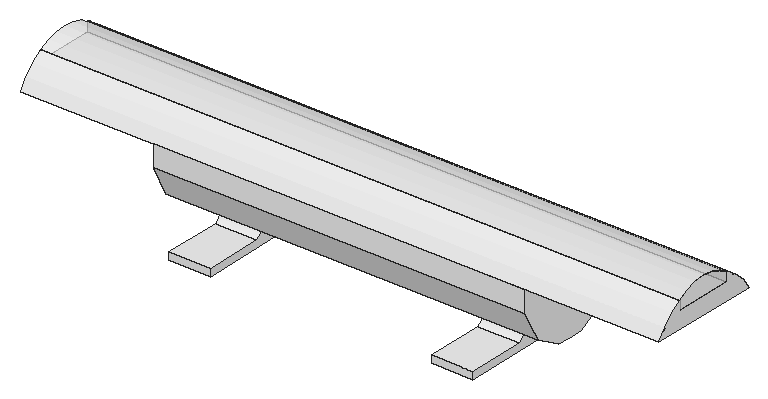
Revit family "Lighting-Linear-Acclaim-Ai Cove 2.0", category Lighting Fixtures, host Face, Revit 2015
Parameters (values of type "A")
  Wattage = 9.2903 W
  built-in parameter 1150110 = 1 (stored number, unit not read)
  Voltage = 0 V
  URL = "http://www.acclaimlighting.com/"
  built-in parameter 1114217 = 1 (stored number, unit not read)
  Tilt Angle = -90.00°
  built-in parameter 1150109 = 1 (stored number, unit not read)
  built-in parameter 1150134 = 3
  built-in parameter 1150113 = 1 (stored number, unit not read)
  Power Factor = 1
  Photometric Web File = "generic"
  Number of Poles = 1
  built-in parameter 1150142 = (empty or 0)
  Model = "Ai Cove"
  Manufacturer = "Acclaim Lighting"
  built-in parameter 1150105 = 109.82 (stored number, unit not read)
  Lumens = 1380 lm
  built-in parameter 1150115 = 1 (stored number, unit not read)
  built-in parameter 1150137 = (empty or 0)
  built-in parameter 1150139 = (empty or 0)
  Length = 1' - 0"
  built-in parameter 1150112 = 1 (stored number, unit not read)
  built-in parameter 1150114 = 1 (stored number, unit not read)
  Lamp = "LED"
  built-in parameter 1150132 = (empty or 0)
  built-in parameter 1150102 = (empty or 0)
  built-in parameter 1150107 = 3200 (stored number, unit not read)
  built-in parameter 1150138 = (empty or 0)
  built-in parameter 1150106 = 1.0982 (stored number, unit not read)
  Housing Finish = Aluminum
  Emit from Line Length = Length  # 1' - 0"
  built-in parameter 1150104 = 13.8 (stored number, unit not read)
  Dimming Lamp Color Temperature Shift = <None>
  Description = "Cove Lighting"
  Default Elevation = 4' - 0"
  Color Filter = 16777215
  built-in parameter 1114218 = 1 (stored number, unit not read)
  built-in parameter 1150133 = 10 (stored number, unit not read)
  Apparent Load = 0 VA
Types (3): name | Length | Emit from Line Length
  (no name) | 1' - 0" | 1' - 0"
  A | 1' - 0" | 1' - 0"
  D | 4' - 0" | 4' - 0"
Reference planes (in)
  plane 1 "Center (Front/Back)": y = 0
  plane 2: z = 0
  plane 3 "Center (Left/Right)": x = 0
  plane 4: x = -6
  plane 5: x = 6
  plane 6: x = -2.86874
  plane 7: x = -2.08749
  plane 8: x = 2.06876
  plane 9: x = 2.85001
  plane 10: z = 2.2
  plane 11: z = 2.03932
  plane 12: z = 1.6
Forms (in)
  Extrusion 1, solid, material "Aluminum" <- "Housing Finish"
    sketch origin (0, 0, 0) x (0, 1, 0) y (0, 0, 1)
      loop
        line (0, 1.54802) -> (-1.05229, 1.54802) -> (-1.05229, 1.14047) -> (-0.76519, 0.577) -> (-0.25239, 0.28094) -> (0, 0.28094) -> (0.25239, 0.28094) -> (0.76519, 0.577) -> (1.05229, 1.14047) -> (1.05229, 1.54802) -> (0, 1.54802)
    from -3.5 to 3.49098
  Extrusion 2, solid, material "Aluminum" <- "Housing Finish"
    sketch origin (0, 0, 0.59375) x (0, 1, 0) y (0, 0, 1)
      loop
        line (-1.05229, 0.95427) -> (1.05229, 0.95427)
        arc (1.05229, 0.95427) -> (0, 1.578) -> (-1.05229, 0.95427) r 1.19952
    from -6 to 6
  Extrusion 3, solid, material "Aluminum" <- "Housing Finish"
    sketch origin (0, 0, 0) x (0, 1, 0) y (0, 0, 1)
      loop
        line (-1.47265, 0.13395) -> (-1.47265, 0) -> (0, 0) -> (1.47265, 0) -> (1.47265, 0.13395) -> (0.38044, 0.13395)
        arc (0.38044, 0.13395) -> (0.27083, 0.24318) -> (0.23069, 0.39262) r 0.29828
        arc (0.23069, 0.39262) -> (0.16313, 0.55574) -> (0, 0.62331) r 0.23069
        arc (0, 0.62331) -> (-0.16313, 0.55574) -> (-0.23069, 0.39262) r 0.23069
        arc (-0.23069, 0.39262) -> (-0.27083, 0.24318) -> (-0.38044, 0.13395) r 0.29828
        line (-0.38044, 0.13395) -> (-1.47265, 0.13395)
    from -2.86874 to -2.08749
  Extrusion 4, solid, material "Aluminum" <- "Housing Finish"
    sketch origin (0, 0, 0) x (0, 1, 0) y (0, 0, 1)
      loop
        line (-1.47265, 0.13395) -> (-1.47265, 0) -> (0, 0) -> (1.47265, 0) -> (1.47265, 0.13395) -> (0.38044, 0.13395)
        arc (0.38044, 0.13395) -> (0.27083, 0.24318) -> (0.23069, 0.39262) r 0.29828
        arc (0.23069, 0.39262) -> (0.16313, 0.55574) -> (0, 0.62331) r 0.23069
        arc (0, 0.62331) -> (-0.16313, 0.55574) -> (-0.23069, 0.39262) r 0.23069
        arc (-0.23069, 0.39262) -> (-0.27083, 0.24318) -> (-0.38044, 0.13395) r 0.29828
        line (-0.38044, 0.13395) -> (-1.47265, 0.13395)
    from 2.06876 to 2.85001
  Extrusion 5, solid, material "Aluminum" <- "Housing Finish"
    sketch origin (0, 0, 0) x (0, 1, 0) y (0, 0, 1)
      loop
        circle (0, 0.37331) r 0.25
    from -2.86874 to -2.08749
  Extrusion 6, solid, material "Aluminum" <- "Housing Finish"
    sketch origin (0, -0.00075, 0) x (0, 1, 0) y (0, 0, 1)
      loop
        circle (0, 0.37331) r 0.25
    from 2.06876 to 2.85001
  Extrusion 7, void
    sketch origin (0, 0, 0) x (1, 0, 0) y (0, 1, 0)
      loop
        line (-6, 0.54448) -> (-6, -0.56067) -> (6, -0.56067) -> (6, 0.54448) -> (-6, 0.54448)
    from 1.85771 to 2.25174
  Extrusion 8, solid, material "Glass, Frosted"
    sketch origin (0, 0, 0) x (0, 1, 0) y (0, 0, 1)
      loop
        line (-0.56067, 2.03466) -> (-0.56067, 1.85771) -> (0.5458, 1.85771) -> (0.5458, 2.03466)
        arc (0.5458, 2.03466) -> (-0.00743, 2.20584) -> (-0.56067, 2.03466) r 0.97958
    from -6 to 6
Cuts and joins
  Extrusion 7 cuts Extrusion 1
  Extrusion 7 cuts Extrusion 2
  Extrusion 7 cuts Extrusion 3
  Extrusion 7 cuts Extrusion 4
  Extrusion 7 cuts Extrusion 5
  Extrusion 7 cuts Extrusion 6
Dimensions and locks (in)
  equal spacing: plane 4, plane 3 "Center (Left/Right)", plane 5
  plane 4 to plane 5 = 1' - 0"
  equal spacing: plane 5, plane 3 "Center (Left/Right)", plane 4
  "Length": plane 5 to plane 4
  locked: plane 4 to Extrusion 1 at 2.5
  locked: plane 5 to Extrusion 1 at 2.50902
  Extrusion 1 to Extrusion 3 to Extrusion 3 = 0' - 0.63126" locked, 0' - 0 25/32" locked
  locked: Extrusion 4 to Extrusion 4 at 0.78125
  locked: Extrusion 4 to Extrusion 1 at 0.64098
  aligned and locked: plane 2 to host face
  aligned and locked: level to host face
  aligned and locked: Extrusion 2 to plane 4
  aligned and locked: plane 5 to Extrusion 2
  aligned and locked: Extrusion 3 to Extrusion 5  (x2)
  aligned and locked: Extrusion 4 to Extrusion 6  (x2)
  aligned and locked: plane 4 to Extrusion 7 sketch curve
  aligned and locked: Extrusion 7 sketch curve to plane 5
  aligned and locked: Extrusion 8 to plane 4
  aligned and locked: plane 5 to Extrusion 8
Automatic sketch dimensions
  host sketch curve to host sketch curve = 8' - 0"  (x2)
  Extrusion 5 sketch curve to plane 1 "Center (Front/Back)" = 0' - 0"
  level to Extrusion 5 sketch curve = 0' - 0.37331"
  level to Extrusion 6 sketch curve = 0' - 0.37331"
  plane 1 "Center (Front/Back)" to Extrusion 6 sketch curve = 0' - 0.00075"
  plane 1 "Center (Front/Back)" to Extrusion 7 sketch curve = 0' - 0.56067"
  Extrusion 7 sketch curve to plane 1 "Center (Front/Back)" = 0' - 0.54448"
  plane 1 "Center (Front/Back)" to Extrusion 8 sketch curve = 0' - 0.00743"
  Extrusion 8 sketch curve to plane 11 = 0' - 0.00466"  (x2)
  Extrusion 8 sketch curve to Extrusion 8 sketch curve = 0' - 0.17695"
  Extrusion 8 sketch curve to plane 1 "Center (Front/Back)" = 0' - 0.5458"
  Extrusion 8 sketch curve to plane 11 = 0' - 0.81306"
  Extrusion 3 sketch curve to Extrusion 3 sketch curve = 0' - 0"  (x3)
  Extrusion 3 sketch curve to level = 0' - 0"
  Extrusion 3 sketch curve to plane 1 "Center (Front/Back)" = 0' - 0"  (x2)
  level to Extrusion 3 sketch curve = 0' - 0.13395"  (x2)
  plane 1 "Center (Front/Back)" to Extrusion 3 sketch curve = 0' - 0.38044"
  Extrusion 3 sketch curve to Extrusion 3 sketch curve = 0' - 0.14854"  (x2)
  Extrusion 3 sketch curve to Extrusion 3 sketch curve = 0' - 0.94368"  (x2)
  Extrusion 3 sketch curve to plane 1 "Center (Front/Back)" = 0' - 0.38044"
  Extrusion 3 sketch curve to Extrusion 3 sketch curve = 0' - 0.25866"
  Extrusion 4 sketch curve to Extrusion 4 sketch curve = 0' - 0"  (x3)
  Extrusion 4 sketch curve to level = 0' - 0"
  Extrusion 4 sketch curve to plane 1 "Center (Front/Back)" = 0' - 0"  (x2)
  level to Extrusion 4 sketch curve = 0' - 0.13395"  (x2)
  plane 1 "Center (Front/Back)" to Extrusion 4 sketch curve = 0' - 0.38044"
  Extrusion 4 sketch curve to Extrusion 4 sketch curve = 0' - 0.14854"  (x2)
  Extrusion 4 sketch curve to Extrusion 4 sketch curve = 0' - 0.94368"  (x2)
  Extrusion 4 sketch curve to plane 1 "Center (Front/Back)" = 0' - 0.38044"
  Extrusion 4 sketch curve to Extrusion 4 sketch curve = 0' - 0.25866"
  Extrusion 1 sketch curve to plane 1 "Center (Front/Back)" = 0' - 0"  (x2)
  Extrusion 1 sketch curve to Extrusion 1 sketch curve = 0' - 0.25239"  (x2)
  Extrusion 1 sketch curve to Extrusion 1 sketch curve = 0' - 0.5128"  (x2)
  Extrusion 1 sketch curve to plane 12 = 0' - 0.45953"  (x2)
  Extrusion 1 sketch curve to Extrusion 1 sketch curve = 0' - 0.2871"  (x2)
  level to Extrusion 1 sketch curve = 0' - 0.577"  (x2)
  level to Extrusion 1 sketch curve = 0' - 0.28094"
  Extrusion 1 sketch curve to plane 12 = 0' - 0.05198"
  Extrusion 2 sketch curve to plane 1 "Center (Front/Back)" = 0' - 0"
  Extrusion 2 sketch curve to plane 12 = 0' - 0.62777"
  Extrusion 2 sketch curve to plane 12 = 0' - 0.05198"
  plane 1 "Center (Front/Back)" to Extrusion 2 sketch curve = 0' - 1.05229"
  radius of Extrusion 5 sketch curve = 0' - 0 1/4"
  radius of Extrusion 6 sketch curve = 0' - 0 1/4"
Connectors (in)
  electrical at (3.49098, 0, 0.89218), driven by "Number of Poles", driven by "Voltage", driven by "Apparent Load", driven by "Power Factor"
    settings: on cut or joined group of Extrusion 1, Extrusion 7, index 1, voltage 0 V, apparent load 0 VA, apparent load phase1 0 VA, apparent load phase2 0 VA, apparent load phase3 0 VA, power factor 1, load classification "Other", number of poles 1, system type 31, power factor state 1, is connector primary yes, connector utility no, sub classification motor no, connector description "Power"
